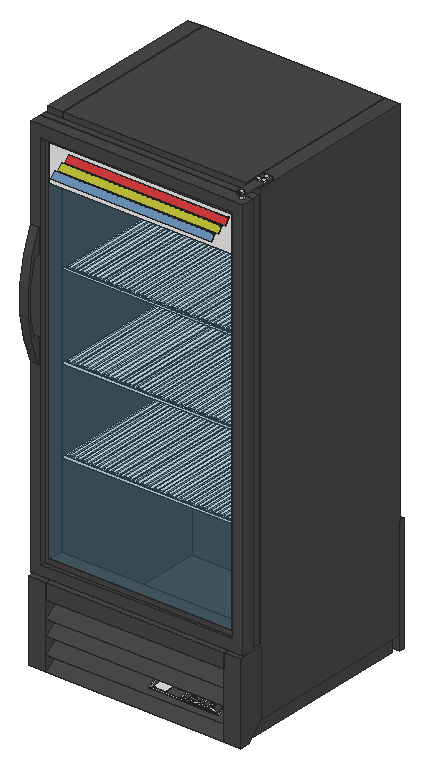
Revit family "QF_TRUE_GDM-10-58-HC~TSL01", category Specialty Equipment, Revit 2016 (continued)
Definition of nested family "GDM-10-58-HC-TSL01"
  Definition of nested family "QF_LOGO_TRUE"
    Forms (in)
      Extrusion 5, solid, not visible
        sketch origin (121.45701, -16.5, 4.98235) x (1, 0, 0) y (0, 0, 1)
          loop
            line (28.13678, 34.66131) -> (28.08755, 34.47761) -> (28.27134, 34.47761) -> (28.32056, 34.66131) -> (28.43674, 34.66131) -> (28.47974, 34.78864) -> (28.36519, 34.78864)
            arc (28.36519, 34.78864) -> (28.35733, 34.81649) -> (28.36921, 34.84288) r 0.04231
            arc (28.36921, 34.84288) -> (28.431, 34.8652) -> (28.49617, 34.85686) r 0.13988
            line (28.49617, 34.85686) -> (28.53544, 34.97317)
            arc (28.53544, 34.97317) -> (28.39725, 34.99096) -> (28.25905, 34.97317) r 0.54546
            arc (28.25905, 34.97317) -> (28.20849, 34.91994) -> (28.18197, 34.85147) r 0.1894
            line (28.18197, 34.85147) -> (28.17089, 34.78864) -> (28.11397, 34.78864) -> (28.07985, 34.66131) -> (28.13678, 34.66131)
          loop
            arc (28.74846, 34.89756) -> (28.65884, 34.88533) -> (28.56922, 34.89756) r 0.33455
            line (28.56922, 34.89756) -> (28.45669, 34.47761) -> (28.63593, 34.47761) -> (28.74846, 34.89756)
          loop
            arc (28.60398, 35.01195) -> (28.57699, 34.97173) -> (28.60398, 34.9315) r 0.04347
            line (28.60398, 34.9315) -> (28.75755, 34.9315)
            arc (28.75755, 34.9315) -> (28.78645, 34.96687) -> (28.77911, 35.01195) r 0.0556
            line (28.77911, 35.01195) -> (28.60398, 35.01195)
          loop
            line (28.95336, 34.66131) -> (29.26233, 34.66131) -> (29.28859, 34.73909)
            arc (29.28859, 34.73909) -> (29.2878, 34.82039) -> (29.23107, 34.87864) r 0.10925
            arc (29.23107, 34.87864) -> (29.18233, 34.8944) -> (29.13139, 34.89974) r 0.24595
            line (29.13139, 34.89974) -> (28.96708, 34.89974)
            arc (28.96708, 34.89974) -> (28.9068, 34.88073) -> (28.8535, 34.84677) r 0.2421
            arc (28.8535, 34.84677) -> (28.7897, 34.76363) -> (28.76702, 34.66131) r 0.2421
            line (28.76702, 34.66131) -> (28.76702, 34.54477)
            arc (28.76702, 34.54477) -> (28.81618, 34.4956) -> (28.88334, 34.47761) r 0.13431
            line (28.88334, 34.47761) -> (29.09054, 34.47761)
            arc (29.09054, 34.47761) -> (29.13459, 34.48281) -> (29.17622, 34.49812) r 0.18924
            line (29.17622, 34.49812) -> (29.23102, 34.61563)
            arc (29.23102, 34.61563) -> (29.18453, 34.59565) -> (29.13566, 34.58252) r 0.35376
            arc (29.13566, 34.58252) -> (29.05885, 34.56956) -> (28.98204, 34.58252) r 0.23415
            arc (28.98204, 34.58252) -> (28.94492, 34.61362) -> (28.95336, 34.66131) r 0.04838
          loop
            line (28.9842, 34.73042) -> (29.12012, 34.73042) -> (29.12621, 34.76496)
            arc (29.12621, 34.76496) -> (29.08961, 34.80242) -> (29.03739, 34.80638) r 0.0742
            arc (29.03739, 34.80638) -> (28.99747, 34.77773) -> (28.9842, 34.73042) r 0.0742
          loop
            line (29.41616, 34.97572) -> (29.28675, 34.49276) -> (29.48645, 34.49276) -> (29.61586, 34.97572) -> (29.41616, 34.97572)
          loop
            line (29.99836, 34.97572) -> (29.95192, 34.80242)
            arc (29.95192, 34.80242) -> (29.94473, 34.85705) -> (29.90102, 34.89059) r 0.07199
            arc (29.90102, 34.89059) -> (29.80023, 34.89941) -> (29.70251, 34.87322) r 0.29131
            arc (29.70251, 34.87322) -> (29.61806, 34.7652) -> (29.5896, 34.63108) r 0.30433
            line (29.5896, 34.63108) -> (29.5896, 34.55572)
            arc (29.5896, 34.55572) -> (29.61075, 34.50463) -> (29.66184, 34.48348) r 0.07224
            line (29.66184, 34.48348) -> (29.78537, 34.48348)
            arc (29.78537, 34.48348) -> (29.83854, 34.51313) -> (29.88504, 34.55243) r 0.31609
            line (29.88504, 34.55243) -> (29.86905, 34.49276) -> (30.05973, 34.49276) -> (30.18914, 34.97572) -> (29.99836, 34.97572)
          loop
            arc (29.84537, 34.75931) -> (29.79424, 34.71128) -> (29.77745, 34.64317) r 0.12371
            arc (29.77745, 34.64317) -> (29.80071, 34.59901) -> (29.85056, 34.59647) r 0.05045
            arc (29.85056, 34.59647) -> (29.90141, 34.64047) -> (29.92536, 34.7033) r 0.13769
            arc (29.92536, 34.7033) -> (29.90211, 34.75521) -> (29.84537, 34.75931) r 0.05543
          loop
            line (26.45047, 35.26762) -> (26.58211, 35.26762)
            arc (26.58211, 35.26762) -> (26.60467, 35.30821) -> (26.62126, 35.35157) r 0.3277
            arc (26.62126, 35.35157) -> (26.62714, 35.39992) -> (26.60877, 35.44503) r 0.09693
            arc (26.60877, 35.44503) -> (26.56454, 35.48868) -> (26.50462, 35.50516) r 0.12312
            arc (26.50462, 35.50516) -> (26.44158, 35.50565) -> (26.37854, 35.50546) r 5.76967
            arc (26.37854, 35.50546) -> (26.07462, 35.42923) -> (25.81045, 35.26076) r 0.97743
            line (25.81045, 35.26076) -> (25.85921, 35.26076)
            arc (25.85921, 35.26076) -> (26.08494, 35.39361) -> (26.3396, 35.45485) r 0.88817
            arc (26.3396, 35.45485) -> (26.41429, 35.44188) -> (26.47267, 35.39352) r 0.14748
            arc (26.47267, 35.39352) -> (26.48041, 35.32725) -> (26.45047, 35.26762) r 0.11636
          loop
            arc (26.35412, 35.17841) -> (26.19578, 35.0555) -> (26.00982, 34.98069) r 0.72453
            arc (26.00982, 34.98069) -> (25.9036, 34.95581) -> (25.79459, 34.9604) r 0.40201
            arc (25.79459, 34.9604) -> (25.7275, 34.98819) -> (25.69972, 35.05528) r 0.09488
            arc (25.69972, 35.05528) -> (25.71867, 35.12629) -> (25.77049, 35.17841) r 0.1425
            line (25.77049, 35.17841) -> (25.73665, 35.18748)
            arc (25.73665, 35.18748) -> (25.67632, 35.09876) -> (25.66924, 34.99171) r 0.20432
            arc (25.66924, 34.99171) -> (25.71443, 34.9227) -> (25.79473, 34.90384) r 0.11116
            arc (25.79473, 34.90384) -> (25.91172, 34.89904) -> (26.02716, 34.91862) r 0.56145
            arc (26.02716, 34.91862) -> (26.27675, 35.021) -> (26.49584, 35.17841) r 1.15683
            line (26.49584, 35.17841) -> (26.35412, 35.17841)
        from 31.54261 to 31.56272
    Dimensions and locks (in)
      aligned and locked: level to plane 2
      aligned and locked: Extrusion 2 to Extrusion 3  (x2)
      aligned and locked: Extrusion 2 sketch curve to Extrusion 3
